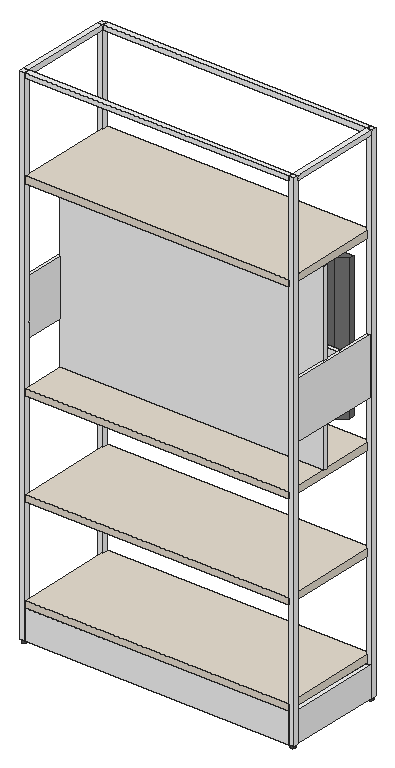
Revit family "Lives Shelf_Monitor unit 1200W450D2236H_ML1HHMN_m01", category Furniture, Revit 2019
Family settings
  OmniClass Number = 23.40.20.00
  OmniClass Title = General Furniture and Specialties
  Work Plane-Based = No
  Always vertical = Yes
  Cut with Voids When Loaded = No
  Shared = No
  Room Calculation Point = No
Parameters (values of type "MU03（プライズウッドライト/ネオホワイト）")
  Manufacturer = "株式会社オカムラ"
  製品名称 [instance] = "ライブス シェルフ"  # constant formula
  製品仕様 [instance] = "モニターユニット ハイポジション用 木棚板"  # constant formula
  製品コード/色仕様 = "ML1HHF"  # constant formula
  製品コード [instance] = "ML1HHF"  # constant formula
  製品カテゴリ = "クリエイティブファニチュア"  # constant formula
  色仕様名称 [instance] = "プライズウッドライト/ネオホワイト"
  色仕様コード [instance] = "MU03"
  支柱 = okm_ZA75
  天板 = okm_MX61
  導入日 [instance] = ""
  区分 = "シェルフ"  # constant formula
  共通仕様 = ""
  備考 = ""
  シリアルNo [instance] = ""
  Keynote = "12490"
  Assembly Code = "E2020200"
  W = 47.24409"
  URL = "http://www.okamura.co.jp/"
  Product_URL = ""
  ID [instance] = ""
  H = 88.0315"
  D = 17.71654"
  Copyright [instance] = "©2020.04 okamura Corp."  # constant formula
Types (15): name | 色仕様名称 | 色仕様コード | 支柱 | 天板
  (no name) | "プライズウッドライト/ネオホワイト" | "MU03" | okm_ZA75 | okm_MX61
  MDY7（プライズウッドライト/ブラック） | "プライズウッドライト/ブラック" | "MDY7" | okm_Z25 | okm_MX61
  MDY8（プライズウッドミディアム/ブラック） | "プライズウッドミディアム/ブラック" | "MDY8" | okm_Z25 | okm_MX62
  MDY9（プライズウッドダーク/ブラック） | "プライズウッドダーク/ブラック" | "MDY9" | okm_Z25 | okm_MX63
  MU03（プライズウッドライト/ネオホワイト） | "プライズウッドライト/ネオホワイト" | "MU03" | okm_ZA75 | okm_MX61
  MU04（プライズウッドミディアム/ネオホワイト） | "プライズウッドミディアム/ネオホワイト" | "MU04" | okm_ZA75 | okm_MX62
  MU05（プライズウッドダーク/ネオホワイト） | "プライズウッドダーク/ネオホワイト" | "MU05" | okm_ZA75 | okm_MX63
  MGM4（ビンテージエルム/ネオホワイト） | "ビンテージエルム/ネオホワイト" | "MGM4" | okm_ZA75 | okm_MEP4
  MGM1（チョークドエルム/ネオホワイト） | "チョークドエルム/ネオホワイト" | "MGM1" | okm_ZA75 | okm_MEP1
  MGM2（ソーンオーク/ネオホワイト） | "ソーンオーク/ネオホワイト" | "MGM2" | okm_ZA75 | okm_MEP2
  MGM3（ラスティックパイン/ネオホワイト） | "ラスティックパイン/ネオホワイト" | "MGM3" | okm_ZA75 | okm_MEP3
  MGL4（ビンテージエルム/ブラック） | "ビンテージエルム/ブラック" | "MGL4" | okm_Z25 | okm_MEP4
  MGL1（チョークドエルム/ブラック） | "チョークドエルム/ブラック" | "MGL1" | okm_Z25 | okm_MEP1
  MGL2（ソーンオーク/ブラック） | "ソーンオーク/ブラック" | "MGL2" | okm_Z25 | okm_MEP2
  MGL3（ラスティックパイン/ブラック） | "ラスティックパイン/ブラック" | "MGL3" | okm_Z25 | okm_MEP3
Reference planes (in)
  plane 1 "中心(正面/背面)": y = -3.93701
  plane 2: z = 0
  plane 3 "中心(左/右)": x = 0
  plane 4 "左": x = -23.62205
  plane 5 "右": x = 23.62205
  plane 6 "背面": y = 4.92126
  plane 7 "正面": y = -12.79528
  plane 8 "上": z = 88.0315
  plane 9: z = 87.20472
Forms (in)
  Extrusion 1, solid, material "okm_ZA75" <- "支柱"
    sketch origin (0, 0.04921, 0) x (1, 0, 0) y (0, 1, 0)
      loop
        line (22.69685, -11.91929) -> (22.69685, -12.74606) -> (23.52362, -12.74606) -> (23.52362, -11.91929) -> (22.69685, -11.91929)
      loop
        line (22.69685, 4.87205) -> (22.69685, 4.04528) -> (23.52362, 4.04528) -> (23.52362, 4.87205) -> (22.69685, 4.87205)
      loop
        line (-22.69685, -11.91929) -> (-23.52362, -11.91929) -> (-23.52362, -12.74606) -> (-22.69685, -12.74606) -> (-22.69685, -11.91929)
      loop
        line (-22.69685, 4.87205) -> (-23.52362, 4.87205) -> (-23.52362, 4.04528) -> (-22.69685, 4.04528) -> (-22.69685, 4.87205)
    from 0.3937 to 88.0315
  Extrusion 2, solid, material "okm_MX61" <- "天板"
    sketch origin (0, 0.04921, -7.45952) x (1, 0, 0) y (0, 1, 0)
      loop
        line (-22.61811, 4.87205) -> (-22.61811, -12.74606) -> (22.61811, -12.74606) -> (22.61811, 4.87205) -> (-22.61811, 4.87205)
    from 12.97134 to 14.15244
  Extrusion 3, solid, material "okm_ZA75" <- "支柱"
    sketch origin (0, 0.04921, 0) x (1, 0, 0) y (0, 1, 0)
      loop
        line (-23.52362, 4.04528) -> (-23.52362, -11.91929) -> (-22.69685, -11.91929) -> (-22.69685, 4.04528) -> (-23.52362, 4.04528)
      loop
        line (23.52362, 4.04528) -> (22.69685, 4.04528) -> (22.69685, -11.91929) -> (23.52362, -11.91929) -> (23.52362, 4.04528)
    from 88.0315 to 87.20472
  Extrusion 4, solid, material "okm_ZA75" <- "支柱"
    sketch origin (0, 0.04921, 18.11024) x (0, -1, 0) y (1, 0, 0)
      loop
        line (-4.04528, -22.61811) -> (-4.04528, -23.44488) -> (11.91929, -23.44488) -> (11.91929, -22.61811) -> (-4.04528, -22.61811)
      loop
        line (-4.04528, 23.44488) -> (-4.04528, 22.61811) -> (11.91929, 22.61811) -> (11.91929, 23.44488) -> (-4.04528, 23.44488)
    from -12.59843 to -17.71654
  Extrusion 5, solid, material "okm_ZA75" <- "支柱"
    sketch origin (-7.87402, -7.8248, 18.11024) x (-1, 0, 0) y (0, -1, 0)
      loop
        line (14.82283, -11.84055) -> (-30.57087, -11.84055) -> (-30.57087, -12.66732) -> (14.82283, -12.66732) -> (14.82283, -11.84055)
      loop
        line (14.82283, 4.79331) -> (-30.57087, 4.79331) -> (-30.57087, 3.96654) -> (14.82283, 3.96654) -> (14.82283, 4.79331)
    from -12.59843 to -17.71654
  Extrusion 6, solid, material "okm_G155"
    sketch origin (0, 0.04921, 0) x (1, 0, 0) y (0, 1, 0)
      loop
        circle (-23.11024, 4.45866) r 0.3937
      loop
        circle (-23.11024, -12.33268) r 0.3937
      loop
        circle (23.11024, 4.45866) r 0.3937
      loop
        circle (23.11024, -12.33268) r 0.3937
    from 0 to 0.3937
  Extrusion 7, solid, material "okm_ZA75" <- "支柱"
    sketch origin (-3.93701, 3.98622, 0) x (0, 1, 0) y (-1, 0, 0)
      loop
        line (-15.8563, -26.63386) -> (-15.8563, 18.75984) -> (-16.68307, 18.75984) -> (-16.68307, -26.63386) -> (-15.8563, -26.63386)
      loop
        line (0.93504, -26.63386) -> (0.93504, 18.75984) -> (0.10827, 18.75984) -> (0.10827, -26.63386) -> (0.93504, -26.63386)
    from 88.0315 to 87.20472
  Extrusion 8, solid, material "okm_MX61" <- "天板"
    sketch origin (0, 0.04921, 95.72642) x (1, 0, 0) y (0, 1, 0)
      loop
        line (-22.61811, 4.87205) -> (-22.61811, -12.74606) -> (22.61811, -12.74606) -> (22.61811, 4.87205) -> (-22.61811, 4.87205)
    from -24.86028 to -23.67918
  Extrusion 9, solid, material "okm_ZA75" <- "支柱"
    sketch origin (0, -3.93701, 0) x (1, 0, 0) y (0, 0, 1)
      loop
        line (-23.16929, 56.33858) -> (-23.16929, 46.69291) -> (-22.69685, 46.69291) -> (-22.69685, 56.33858) -> (-23.16929, 56.33858)
      loop
        line (22.69685, 56.33858) -> (22.69685, 46.69291) -> (23.16929, 46.69291) -> (23.16929, 56.33858) -> (22.69685, 56.33858)
    from -8.0315 to 7.93307
  Extrusion 10, solid, material "okm_ZA75" <- "支柱"
    sketch origin (0, 1.9685, 0) x (0, 1, 0) y (0, 0, 1)
      loop
        line (-7.09646, 70.70866) -> (-7.09646, 39.37008) -> (-6.50591, 39.37008) -> (-6.50591, 70.70866) -> (-7.09646, 70.70866)
      loop
        line (-4.04528, 56.22047) -> (-4.04528, 54.64567) -> (-3.41535, 54.64567) -> (-3.41535, 56.22047) -> (-4.04528, 56.22047)
      loop
        line (-3.41535, 48.38583) -> (-4.04528, 48.38583) -> (-4.04528, 46.81102) -> (-3.41535, 46.81102) -> (-3.41535, 48.38583)
    from -22.69685 to 22.69685
  Extrusion 11, solid, material "okm_MX61" <- "天板"
    sketch origin (0, 0.04921, 38.16819) x (0, -1, 0) y (1, 0, 0)
      loop
        line (-4.87205, -22.61811) -> (12.74606, -22.61811) -> (12.74606, 22.61811) -> (-4.87205, 22.61811) -> (-4.87205, -22.61811)
    from 0.02079 to 1.20189
  Extrusion 12, solid, material "okm_MX61" <- "天板"
    sketch origin (0, 0.04921, 20.88693) x (1, 0, 0) y (0, 1, 0)
      loop
        line (-22.61811, 4.87205) -> (-22.61811, -12.74606) -> (22.61811, -12.74606) -> (22.61811, 4.87205) -> (-22.61811, 4.87205)
    from 0.96346 to 2.14456
  Extrusion 13, solid, material "okm_black DK3"
    sketch origin (0, 0, 0) x (1, 0, 0) y (0, 1, 0)
      loop
        line (-21.60236, 2.29331) -> (-21.60236, 1.70276) -> (-20.06299, 0.52165) -> (20.06299, 0.52165) -> (21.60236, 1.70276) -> (21.60236, 2.29331) -> (-21.60236, 2.29331)
    from 43.92913 to 68.62992
  Extrusion 14, solid, material "okm_black DK3"
    sketch origin (0, 0, 0) x (0, 1, 0) y (0, 0, 1)
      loop
        line (-1.44685, 63.27166) -> (-1.44685, 48.70473) -> (0.52165, 48.70473) -> (0.52165, 64.45276) -> (-1.44685, 63.27166)
    from -6.16535 to 6.55906
  Extrusion 15, solid, material "okm_black DK3"
    sketch origin (0, -3.93701, 0) x (1, 0, 0) y (0, 0, 1)
      loop
        line (-21.60236, 68.62992) -> (-21.60236, 43.92913) -> (21.60236, 43.92913) -> (21.60236, 68.62992) -> (-21.60236, 68.62992)
      loop
        line (-20.88362, 68.03937) -> (-20.88362, 44.49184) -> (20.87913, 44.49184) -> (20.87913, 68.03937) -> (-20.88362, 68.03937)
    from -6.62402 to -6.23032
  Extrusion 16, solid, material "okm_DYS"
    sketch origin (0, -3.93701, 0) x (1, 0, 0) y (0, 0, 1)
      loop
        line (-20.88362, 68.03937) -> (-20.88362, 44.49184) -> (20.87913, 44.49184) -> (20.87913, 68.03937) -> (-20.88362, 68.03937)
    from -6.23032 to -6.42717
Cuts and joins
  joined: Extrusion 13, Extrusion 14, Extrusion 15
Lines and regions (in)
  Masking region 1
    outline origin (0, 0, 0) x (1, 0, 0) y (0, 1, 0)
      loop
        line (-23.62205, 4.92126) -> (-23.62205, -12.79528) -> (23.62205, -12.79528) -> (23.62205, 4.92126) -> (-23.62205, 4.92126)
  symbolic lines, style "okm_簡略", detail levels coarse
    curve 1: line (23.62205, 4.92126, 0) -> (-23.62205, 4.92126, 0)
    curve 2: line (-23.62205, -12.79528, 0) -> (23.62205, -12.79528, 0)
    curve 3: line (-23.62205, 4.92126, 0) -> (-23.62205, -12.79528, 0)
    curve 7: line (23.62205, 4.92126, 0) -> (23.62205, -12.79528, 0)
    curve 13: line (23.62205, 4.09449, 0) -> (-23.62205, 4.09449, 0)
    curve 14: line (-23.62205, -11.9685, 0) -> (23.62205, -11.9685, 0)
    curve 15: line (-22.79528, 4.92126, 0) -> (-22.79528, -12.79528, 0)
    curve 16: line (22.79528, -12.79528, 0) -> (22.79528, 4.92126, 0)
    curve 17: line (-22.79528, -3.41535, 0) -> (22.79528, -3.41535, 0)
    curve 18: line (22.79528, -4.04528, 0) -> (-22.79528, -4.04528, 0)
    curve 21: line (-22.79528, -9.06496, 0) -> (22.79528, -9.06496, 0)
    curve 22: line (22.79528, -8.47441, 0) -> (-22.79528, -8.47441, 0)
    curve 34: line (-20.54724, -0.26575, 0) -> (-19.00787, -1.44685, 0)
    curve 35: line (-19.00787, -1.44685, 0) -> (19.00787, -1.44685, 0)
    curve 36: line (19.00787, -1.44685, 0) -> (20.54724, -0.26575, 0)
    curve 37: line (20.54724, -0.26575, 0) -> (20.54724, 0.7185, 0)
    curve 38: line (20.54724, 0.7185, 0) -> (-20.54724, 0.7185, 0)
    curve 39: line (-20.54724, 0.7185, 0) -> (-20.54724, -0.26575, 0)
    curve 40: line (-6.16535, -1.44685, 0) -> (-6.16535, -3.41535, 0)
    curve 41: line (6.55906, -3.41535, 0) -> (6.55906, -1.44685, 0)
    curve 42: line (-20.54724, -0.26575, 0) -> (20.54724, -0.26575, 0)
  symbolic lines, style "okm_標準・詳細", detail levels medium+fine
    curve 4: line (-23.62205, 4.92126, 0) -> (23.62205, 4.92126, 0)
    curve 5: line (-23.62205, -12.79528, 0) -> (-23.62205, 4.92126, 0)
    curve 6: line (23.62205, -12.79528, 0) -> (-23.62205, -12.79528, 0)
    curve 8: line (23.62205, -12.79528, 0) -> (23.62205, 4.92126, 0)
    curve 9: line (23.62205, 4.09449, 0) -> (-23.62205, 4.09449, 0)
    curve 10: line (-22.79528, 4.92126, 0) -> (-22.79528, -12.79528, 0)
    curve 11: line (-23.62205, -11.9685, 0) -> (23.62205, -11.9685, 0)
    curve 12: line (22.79528, -12.79528, 0) -> (22.79528, 4.92126, 0)
    curve 19: line (22.79528, -3.41535, 0) -> (-22.79528, -3.41535, 0)
    curve 20: line (-22.79528, -4.04528, 0) -> (22.79528, -4.04528, 0)
    curve 23: line (22.79528, -9.06496, 0) -> (-22.79528, -9.06496, 0)
    curve 24: line (-22.79528, -8.47441, 0) -> (22.79528, -8.47441, 0)
    curve 25: line (-6.16535, -1.44685, 0) -> (-6.16535, -3.41535, 0)
    curve 26: line (6.55906, -3.41535, 0) -> (6.55906, -1.44685, 0)
    curve 27: line (-19.00787, -1.44685, 0) -> (19.00787, -1.44685, 0)
    curve 28: line (-20.54724, -0.26575, 0) -> (-19.00787, -1.44685, 0)
    curve 29: line (-20.54724, 0.7185, 0) -> (-20.54724, -0.26575, 0)
    curve 30: line (20.54724, 0.7185, 0) -> (-20.54724, 0.7185, 0)
    curve 31: line (20.54724, -0.26575, 0) -> (20.54724, 0.7185, 0)
    curve 32: line (19.00787, -1.44685, 0) -> (20.54724, -0.26575, 0)
    curve 33: line (20.54724, -0.26575, 0) -> (-20.54724, -0.26575, 0)
Dimensions and locks (in)
  equal spacing: plane 4 "左", plane 3 "中心(左/右)", plane 5 "右"
  "W": plane 4 "左" to plane 5 "右"
  equal spacing: plane 7 "正面", plane 1 "中心(正面/背面)", plane 6 "背面"
  "D": plane 7 "正面" to plane 6 "背面"
  "H": plane 8 "上" to level
  locked: plane 8 "上" to plane 9 at 0.82677
  aligned and locked: level to plane 2
  aligned and locked: Extrusion 7 to Extrusion 1  (x4)
  aligned and locked: Extrusion 9 to Extrusion 1  (x2)
  aligned and locked: Extrusion 2 to plane 6 "背面"
Automatic sketch dimensions
  plane 1 "中心(正面/背面)" to Extrusion 10 sketch curve = 1.19095"
  Extrusion 10 sketch curve to Extrusion 10 sketch curve = 0.59055"
  Extrusion 10 sketch curve to plane 1 "中心(正面/背面)" = 1.86024"  (x2)
  Extrusion 10 sketch curve to plane 1 "中心(正面/背面)" = 2.49016"  (x2)
  level to Extrusion 10 sketch curve = 39.37008"
  Extrusion 10 sketch curve to Extrusion 10 sketch curve = 7.44094"
  Extrusion 10 sketch curve to Extrusion 10 sketch curve = 1.5748"  (x2)
  Extrusion 10 sketch curve to Extrusion 10 sketch curve = 6.25984"
  Extrusion 10 sketch curve to Extrusion 10 sketch curve = 14.48819"
  Extrusion 14 sketch curve to plane 1 "中心(正面/背面)" = 2.49016"
  Extrusion 14 sketch curve to plane 9 = 23.93307"
  Extrusion 14 sketch curve to Extrusion 14 sketch curve = 14.56693"
  Extrusion 14 sketch curve to Extrusion 14 sketch curve = 1.1811"
  Extrusion 14 sketch curve to Extrusion 14 sketch curve = 1.9685"
  Masking region 1 sketch curve to plane 4 "左" = 0.0"
  Masking region 1 sketch curve to plane 5 "右" = 0.0"
  plane 7 "正面" to Masking region 1 sketch curve = 0.0"
  plane 6 "背面" to Masking region 1 sketch curve = 0.0"
  plane 6 "背面" to Extrusion 1 sketch curve = 0.0"  (x2)
  plane 4 "左" to Extrusion 1 sketch curve = 0.09843"  (x2)
  Extrusion 1 sketch curve to Extrusion 1 sketch curve = 0.82677"  (x4)
  Extrusion 1 sketch curve to plane 7 "正面" = 0.09843"  (x2)
  Extrusion 1 sketch curve to plane 5 "右" = 0.9252"  (x2)
  Extrusion 1 sketch curve to plane 5 "右" = 0.09843"  (x2)
  plane 6 "背面" to Extrusion 1 sketch curve = 0.82677"  (x2)
  plane 6 "背面" to Extrusion 2 sketch curve = 0.0"
  Extrusion 2 sketch curve to plane 7 "正面" = 0.09843"
  plane 4 "左" to Extrusion 2 sketch curve = 1.00394"
  Extrusion 2 sketch curve to plane 5 "右" = 1.00394"
  plane 4 "左" to Extrusion 3 sketch curve = 0.09843"
  Extrusion 3 sketch curve to Extrusion 3 sketch curve = 0.82677"
  Extrusion 3 sketch curve to plane 5 "右" = 0.9252"
  Extrusion 3 sketch curve to plane 5 "右" = 0.09843"
  Extrusion 3 sketch curve to plane 7 "正面" = 0.9252"  (x2)
  plane 6 "背面" to Extrusion 3 sketch curve = 0.82677"  (x2)
  plane 6 "背面" to Extrusion 4 sketch curve = 0.82677"  (x2)
  Extrusion 4 sketch curve to plane 7 "正面" = 0.9252"  (x2)
  Extrusion 4 sketch curve to plane 5 "右" = 0.17717"
  Extrusion 4 sketch curve to Extrusion 4 sketch curve = 0.82677"
  plane 4 "左" to Extrusion 4 sketch curve = 1.00394"
  plane 4 "左" to Extrusion 4 sketch curve = 0.17717"
  Extrusion 5 sketch curve to plane 5 "右" = 0.9252"  (x2)
  plane 4 "左" to Extrusion 5 sketch curve = 0.9252"  (x2)
  plane 6 "背面" to Extrusion 5 sketch curve = 0.07874"
  Extrusion 5 sketch curve to Extrusion 5 sketch curve = 0.82677"
  Extrusion 5 sketch curve to plane 7 "正面" = 1.00394"
  Extrusion 5 sketch curve to plane 7 "正面" = 0.17717"
  plane 4 "左" to Extrusion 6 sketch curve = 0.51181"  (x2)
  Extrusion 6 sketch curve to plane 5 "右" = 0.51181"  (x2)
  Extrusion 6 sketch curve to plane 7 "正面" = 0.51181"  (x2)
  plane 6 "背面" to Extrusion 6 sketch curve = 0.41339"  (x2)
  plane 6 "背面" to Extrusion 7 sketch curve = 0.0"
  Extrusion 7 sketch curve to plane 6 "背面" = 0.82677"
  plane 7 "正面" to Extrusion 7 sketch curve = 0.9252"
  plane 7 "正面" to Extrusion 7 sketch curve = 0.09843"
  Extrusion 7 sketch curve to plane 4 "左" = 0.9252"  (x2)
  plane 5 "右" to Extrusion 7 sketch curve = 0.9252"  (x2)
  plane 6 "背面" to Extrusion 8 sketch curve = 0.0"
  Extrusion 8 sketch curve to plane 7 "正面" = 0.09843"
  plane 4 "左" to Extrusion 8 sketch curve = 1.00394"
  Extrusion 8 sketch curve to plane 5 "右" = 1.00394"
  plane 4 "左" to Extrusion 9 sketch curve = 0.45276"
  Extrusion 9 sketch curve to Extrusion 9 sketch curve = 0.47244"
  Extrusion 9 sketch curve to plane 5 "右" = 0.9252"
  Extrusion 9 sketch curve to plane 5 "右" = 0.45276"
  Extrusion 9 sketch curve to plane 9 = 40.51181"
  Extrusion 9 sketch curve to Extrusion 9 sketch curve = 0.0"
  Extrusion 9 sketch curve to Extrusion 9 sketch curve = 9.64567"  (x2)
  plane 6 "背面" to Extrusion 11 sketch curve = 0.0"
  Extrusion 11 sketch curve to plane 7 "正面" = 0.09843"
  plane 4 "左" to Extrusion 11 sketch curve = 1.00394"
  Extrusion 11 sketch curve to plane 5 "右" = 1.00394"
  plane 6 "背面" to Extrusion 12 sketch curve = 0.0"
  Extrusion 12 sketch curve to plane 7 "正面" = 0.09843"
  plane 4 "左" to Extrusion 12 sketch curve = 1.00394"
  Extrusion 12 sketch curve to plane 5 "右" = 1.00394"
  plane 4 "左" to Extrusion 15 sketch curve = 2.01968"
  Extrusion 15 sketch curve to Extrusion 15 sketch curve = 0.71874"
  Extrusion 15 sketch curve to plane 5 "右" = 2.74291"
  Extrusion 15 sketch curve to Extrusion 15 sketch curve = 0.72323"
  Extrusion 15 sketch curve to plane 9 = 43.27559"
  Extrusion 15 sketch curve to Extrusion 15 sketch curve = 0.56271"
  Extrusion 15 sketch curve to Extrusion 15 sketch curve = 23.54753"
  Extrusion 15 sketch curve to Extrusion 15 sketch curve = 0.59055"
  plane 4 "左" to Extrusion 16 sketch curve = 2.73843"
  Extrusion 16 sketch curve to plane 5 "右" = 2.74291"
  Extrusion 16 sketch curve to plane 9 = 42.71288"
  Extrusion 16 sketch curve to Extrusion 16 sketch curve = 23.54753"
  curve 11 to plane 4 "左" = 0.0"
  plane 6 "背面" to curve 15 = 0.0"
  plane 7 "正面" to curve 15 = 0.0"
  curve 14 to plane 5 "右" = 0.0"
  plane 4 "左" to curve 30 = 3.0748"
  curve 28 to curve 28 = 1.53937"
  curve 36 to plane 5 "右" = 4.61417"
  curve 27 to curve 31 = 1.53937"
  curve 27 to plane 1 "中心(正面/背面)" = 2.49016"
  curve 27 to curve 37 = 1.1811"
  curve 28 to curve 30 = 0.98425"
  plane 4 "左" to curve 15 = 0.82677"
  plane 4 "左" to curve 21 = 0.82677"
  curve 25 to plane 1 "中心(正面/背面)" = 0.52165"
  curve 25 to plane 3 "中心(左/右)" = 6.16535"
  curve 40 to curve 25 = 0.0"  (x2)
  curve 26 to plane 1 "中心(正面/背面)" = 0.52165"
  plane 3 "中心(左/右)" to curve 26 = 6.55906"
  curve 41 to curve 26 = 0.0"  (x2)
  curve 24 to plane 5 "右" = 0.82677"
  curve 16 to curve 12 = 0.0"
  curve 11 to plane 7 "正面" = 0.82677"
  curve 14 to curve 11 = 0.0"
  curve 11 to curve 21 = 2.90354"
  curve 23 to curve 21 = 0.0"
  curve 21 to curve 24 = 0.59055"
  curve 22 to curve 24 = 0.0"
  plane 1 "中心(正面/背面)" to curve 18 = 0.10827"
  curve 20 to curve 18 = 0.0"
  curve 17 to plane 1 "中心(正面/背面)" = 0.52165"
  curve 19 to curve 17 = 0.0"
  curve 13 to curve 1 = 0.82677"
  curve 9 to curve 13 = 0.0"
  plane 4 "左" to Extrusion 13 sketch curve = 2.01968"
  Extrusion 13 sketch curve to Extrusion 13 sketch curve = 1.53937"
  Extrusion 13 sketch curve to plane 5 "右" = 3.55905"
  Extrusion 13 sketch curve to plane 5 "右" = 2.01968"
  plane 6 "背面" to Extrusion 13 sketch curve = 4.39961"
  Extrusion 13 sketch curve to Extrusion 13 sketch curve = 1.1811"  (x2)
  Extrusion 13 sketch curve to Extrusion 13 sketch curve = 0.59055"
  radius of Extrusion 6 sketch curve = 0.3937"  (x4)
